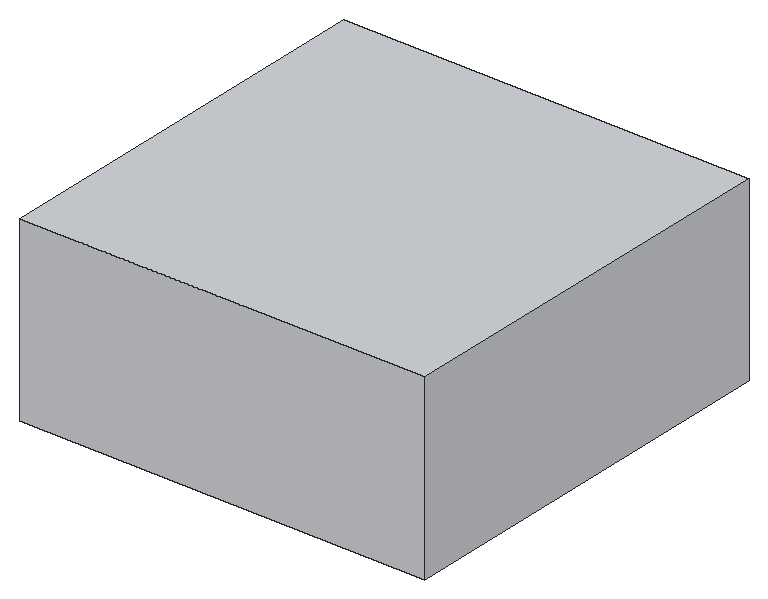
Revit family "M_電線管端子箱 - ティー - アルミニウム_2", category Electrical Equipment, Revit 2023
Family settings
  Panel Configuration = Two Columns, Circuits Across
  Round Connector Dimension = Use Radius
  Part Type = Panelboard
  OmniClass Number = 23.80.30.17.11
  OmniClass Title = Conduits
  Work Plane-Based = No
  Always vertical = Yes
  Cut with Voids When Loaded = No
  Maintain Annotation Orientation = No
  Shared = No
  Room Calculation Point = No
Parameters (values of type "標準")
  Default Elevation = 0 mm
  幅 [instance] = 長さ  # 116 mm
  呼び半径 3 [instance] = 8 mm
  呼び半径 2 [instance] = 8 mm
  呼び半径 1 [instance] = 8 mm
  呼び径 3 [instance] = 呼び半径 3 * 2  # 16 mm
  呼び径 2 [instance] = 呼び半径 2 * 2  # 16 mm
  呼び径 1 [instance] = 呼び半径 1 * 2  # 16 mm
  最大呼び径 13 [instance] = if(呼び径 1 > 呼び径 3, 呼び径 1, 呼び径 3)  # 16 mm
  最大呼び径 123 [instance] = if(最大呼び径 12 > 最大呼び径 13, 最大呼び径 12, 最大呼び径 13)  # 16 mm
  最大呼び径 12 [instance] = if(呼び径 1 > 呼び径 2, 呼び径 1, 呼び径 2)  # 16 mm
  高さ [instance] = if(not(最大呼び径 123 > 27 mm), 52 mm, if(最大呼び径 123 < 155 mm, 152 mm, 最大呼び径 123 * 1.2))  # 52 mm
  長さ [instance] = if(not(最大呼び径 123 > 27 mm), 116 mm, 6 * 最大呼び径 123)  # 116 mm
Reference planes
  plane 1 "中心(正面/背面)": y = 0
  plane 2: z = 0
  plane 3 "中心(左/右)": x = 0
  plane 4: x = -58
  plane 5: x = 58
  plane 6: y = 58
  plane 7: y = -58
  plane 8: z = 26
  plane 9: z = -26
Forms (mm)
  Extrusion 1, solid
    sketch origin (0, 0, 0) x (1, 0, 0) y (0, 1, 0)
      loop
        line (-58, 58) -> (-58, -58) -> (58, -58) -> (58, 58) -> (-58, 58)
    from -26 to 26
Dimensions and locks
  equal spacing: plane 4, plane 3 "中心(左/右)", plane 5
  "長さ": plane 4 to plane 5
  equal spacing: plane 6, plane 1 "中心(正面/背面)", plane 7
  "幅": plane 6 to plane 7
  equal spacing: plane 8, plane 2, plane 9
  "高さ": plane 8 to plane 9
  aligned and locked: Extrusion 1 sketch curve to plane 6
  aligned and locked: plane 4 to Extrusion 1 sketch curve
  aligned and locked: plane 7 to Extrusion 1 sketch curve
  aligned and locked: Extrusion 1 sketch curve to plane 5
  aligned and locked: Extrusion 1 to plane 9
  aligned and locked: plane 8 to Extrusion 1
Connectors
  cabletrayconduit at (-58, 0, 0), diameter 16, driven by "呼び半径 1"
    settings: on Extrusion 1, index 1, connector width 304.8 mm, connector height 304.8 mm, connector angle 0.00°, system type 32, placement type 0, profile type 0, connector reference index 2, is primary connector yes, connector utility param no, connector description ""
  cabletrayconduit at (58, 0, 0), diameter 16, driven by "呼び半径 2"
    settings: on Extrusion 1, index 2, connector width 304.8 mm, connector height 304.8 mm, connector angle 0.00°, system type 32, placement type 0, profile type 0, connector reference index 1, is primary connector no, connector utility param no, connector description ""
  cabletrayconduit at (0, -58, 0), diameter 16, driven by "呼び半径 3"
    settings: on Extrusion 1, index 3, connector width 304.8 mm, connector height 304.8 mm, connector angle 0.00°, system type 32, placement type 0, profile type 0, connector reference index -1, is primary connector no, connector utility param no, connector description ""
